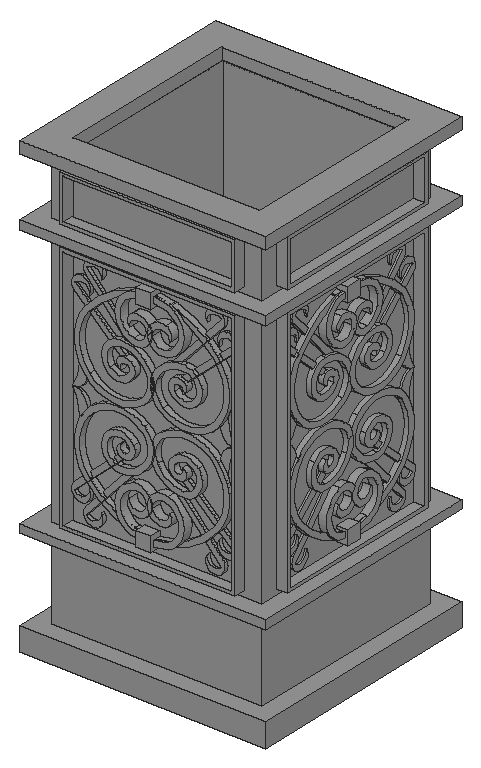
Revit family "Урна чугунная «Черниговская» Арт 15202", category Антураж, Revit 2018 (continued)
Forms (mm)
  Extrusion 57, solid, material "Чугун" <- "Цвет урны"
    sketch origin (-1492.5, 0, -13.415) x (1, 0, 0) y (0, 0, -1)
      loop
        arc (1562.76, -577.01) -> (1576.293, -602.753) -> (1589.827, -577.01) r 16.429
        arc (1589.827, -577.01) -> (1581.787, -592.675) -> (1564.787, -588.086) r 13.999
        line (1564.787, -588.086) -> (1653.039, -508.336)
        arc (1653.039, -508.336) -> (1647.889, -506.992) -> (1643.392, -504.145) r 17.272
      loop
        arc (1571.422, -488.126) -> (1577.716, -472.065) -> (1587.183, -457.646) r 83.291
        arc (1587.183, -457.646) -> (1580.776, -438.886) -> (1562.432, -431.369) r 23.966
        arc (1562.432, -431.369) -> (1572.823, -458.813) -> (1571.422, -488.126) r 72.128
    from 25 to 30
  Extrusion 58, solid, material "Чугун" <- "Цвет урны"
    sketch origin (1907.5, 0, 848.415) x (-1, 0, 0) y (0, 0, 1)
      loop
        line (1720, -627.5) -> (1720, -602.5) -> (1695, -602.5) -> (1695, -627.5) -> (1720, -627.5)
    from 10 to 30
  Extrusion 59, solid, material "Чугун" <- "Цвет урны"
    sketch origin (1907.5, 0, 848.415) x (-1, 0, 0) y (0, 0, 1)
      loop
        arc (1668.157, -615.48) -> (1681.735, -618.514) -> (1695.528, -620.34) r 157.644
        line (1695.528, -620.34) -> (1695.528, -610.723)
        arc (1695.528, -610.723) -> (1683.242, -609.054) -> (1671.139, -606.364) r 148.066
        arc (1671.139, -606.364) -> (1650.677, -575.503) -> (1672.515, -545.6) r 32.405
        arc (1672.515, -545.6) -> (1687.569, -547.847) -> (1694.358, -561.47) r 16.477
        arc (1694.358, -561.47) -> (1679.871, -575.319) -> (1666.161, -560.701) r 14.105
        arc (1666.161, -560.701) -> (1663.338, -573.836) -> (1672.552, -583.614) r 14.444
        arc (1672.552, -583.614) -> (1693.839, -580.619) -> (1703.934, -561.64) r 23.682
        arc (1703.934, -561.64) -> (1693.198, -540.099) -> (1669.394, -536.545) r 26.054
        arc (1669.394, -536.545) -> (1641.097, -575.579) -> (1668.157, -615.48) r 41.983
    from 15 to 30
  Extrusion 60, solid, material "Чугун" <- "Цвет урны"
    sketch origin (1907.5, 0, 848.415) x (-1, 0, 0) y (0, 0, 1)
      loop
        arc (1695.528, -610.723) -> (1639.663, -593.969) -> (1594.601, -556.941) r 148.066
        arc (1594.601, -556.941) -> (1577.987, -510.322) -> (1594.601, -463.703) r 73.713
        arc (1594.601, -463.703) -> (1636.069, -441.403) -> (1681.159, -454.957) r 61.517
        arc (1681.159, -454.957) -> (1692.587, -473.329) -> (1690.369, -494.851) r 33.424
        arc (1690.369, -494.851) -> (1672.16, -515.201) -> (1645.673, -521.841) r 46.56
        arc (1645.673, -521.841) -> (1626.146, -508.427) -> (1629.243, -484.939) r 22.663
        arc (1629.243, -484.939) -> (1645.889, -477.705) -> (1661.365, -487.185) r 19.66
        arc (1661.365, -487.185) -> (1654.778, -498.846) -> (1648.171, -487.197) r 7.695
        arc (1648.171, -487.197) -> (1640.934, -495.828) -> (1645.87, -505.953) r 10.345
        arc (1645.87, -505.953) -> (1666.985, -503.364) -> (1669.573, -482.25) r 17.272
        arc (1669.573, -482.25) -> (1646.557, -468.151) -> (1621.802, -478.909) r 29.238
        arc (1621.802, -478.909) -> (1617.397, -512.322) -> (1645.175, -531.406) r 32.241
        arc (1645.175, -531.406) -> (1677.111, -523.4) -> (1699.065, -498.864) r 56.138
        arc (1699.065, -498.864) -> (1701.919, -471.174) -> (1687.216, -447.538) r 43.001
        arc (1687.216, -447.538) -> (1635.106, -431.874) -> (1587.183, -457.646) r 71.094
        arc (1587.183, -457.646) -> (1568.41, -510.322) -> (1587.183, -562.998) r 83.291
        arc (1587.183, -562.998) -> (1635.554, -602.631) -> (1695.528, -620.34) r 157.644
        line (1695.528, -620.34) -> (1695.528, -610.723)
    from 20 to 30
  Extrusion 61, solid, material "Чугун" <- "Цвет урны"
    sketch origin (1907.5, 0, 848.415) x (-1, 0, 0) y (0, 0, 1)
      loop
        line (1651.742, -531.363) -> (1583.456, -607.202)
        arc (1583.456, -607.202) -> (1596.99, -632.945) -> (1610.523, -607.202) r 16.429
        arc (1610.523, -607.202) -> (1602.473, -622.34) -> (1585.638, -619.092) r 14.426
        line (1585.638, -619.092) -> (1667.709, -527.943)
        arc (1667.709, -527.943) -> (1659.85, -530.236) -> (1651.742, -531.363) r 56.138
      loop
        line (1643.392, -504.145) -> (1562.76, -577.01)
        arc (1562.76, -577.01) -> (1576.293, -602.753) -> (1589.827, -577.01) r 16.429
        arc (1589.827, -577.01) -> (1581.787, -592.675) -> (1564.787, -588.086) r 13.999
        line (1564.787, -588.086) -> (1653.039, -508.336)
        arc (1653.039, -508.336) -> (1647.889, -506.992) -> (1643.392, -504.145) r 17.272
      loop
        arc (1571.422, -488.126) -> (1577.716, -472.065) -> (1587.183, -457.646) r 83.291
        arc (1587.183, -457.646) -> (1580.776, -438.886) -> (1562.432, -431.369) r 23.966
        arc (1562.432, -431.369) -> (1572.823, -458.813) -> (1571.422, -488.126) r 72.128
    from 25 to 30
  Extrusion 62, solid, material "Чугун" <- "Цвет урны"
    sketch origin (-1492.5, 0, 848.415) x (1, 0, 0) y (0, 0, -1)
      loop
        arc (1668.157, 615.48) -> (1641.097, 575.579) -> (1669.394, 536.545) r 41.983
        arc (1669.394, 536.545) -> (1693.198, 540.099) -> (1703.934, 561.64) r 26.054
        arc (1703.934, 561.64) -> (1693.839, 580.619) -> (1672.552, 583.614) r 23.682
        arc (1672.552, 583.614) -> (1663.338, 573.836) -> (1666.161, 560.701) r 14.444
        arc (1666.161, 560.701) -> (1679.871, 575.319) -> (1694.358, 561.47) r 14.105
        arc (1694.358, 561.47) -> (1687.569, 547.847) -> (1672.515, 545.6) r 16.477
        arc (1672.515, 545.6) -> (1650.677, 575.503) -> (1671.139, 606.364) r 32.405
        arc (1671.139, 606.364) -> (1683.242, 609.054) -> (1695.528, 610.723) r 148.066
        line (1695.528, 610.723) -> (1695.528, 620.34)
        arc (1695.528, 620.34) -> (1681.735, 618.514) -> (1668.157, 615.48) r 157.644
    from 15 to 30
  Extrusion 63, solid, material "Чугун" <- "Цвет урны"
    sketch origin (-1492.5, 0, 848.415) x (1, 0, 0) y (0, 0, -1)
      loop
        line (1695.528, 610.723) -> (1695.528, 620.34)
        arc (1695.528, 620.34) -> (1635.554, 602.631) -> (1587.183, 562.998) r 157.644
        arc (1587.183, 562.998) -> (1568.41, 510.322) -> (1587.183, 457.646) r 83.291
        arc (1587.183, 457.646) -> (1635.106, 431.874) -> (1687.216, 447.538) r 71.094
        arc (1687.216, 447.538) -> (1701.919, 471.174) -> (1699.065, 498.864) r 43.001
        arc (1699.065, 498.864) -> (1677.111, 523.4) -> (1645.175, 531.406) r 56.138
        arc (1645.175, 531.406) -> (1617.397, 512.322) -> (1621.802, 478.909) r 32.241
        arc (1621.802, 478.909) -> (1646.557, 468.151) -> (1669.573, 482.25) r 29.238
        arc (1669.573, 482.25) -> (1666.985, 503.364) -> (1645.87, 505.953) r 17.272
        arc (1645.87, 505.953) -> (1640.934, 495.828) -> (1648.171, 487.197) r 10.345
        arc (1648.171, 487.197) -> (1654.778, 498.846) -> (1661.365, 487.185) r 7.695
        arc (1661.365, 487.185) -> (1645.889, 477.705) -> (1629.243, 484.939) r 19.66
        arc (1629.243, 484.939) -> (1626.146, 508.427) -> (1645.673, 521.841) r 22.663
        arc (1645.673, 521.841) -> (1672.16, 515.201) -> (1690.369, 494.851) r 46.56
        arc (1690.369, 494.851) -> (1692.587, 473.329) -> (1681.159, 454.957) r 33.424
        arc (1681.159, 454.957) -> (1636.069, 441.403) -> (1594.601, 463.703) r 61.517
        arc (1594.601, 463.703) -> (1577.987, 510.322) -> (1594.601, 556.941) r 73.713
        arc (1594.601, 556.941) -> (1639.663, 593.969) -> (1695.528, 610.723) r 148.066
    from 20 to 30
  Extrusion 64, solid, material "Чугун" <- "Цвет урны"
    sketch origin (-1492.5, 0, 848.415) x (1, 0, 0) y (0, 0, -1)
      loop
        arc (1651.742, 531.363) -> (1659.85, 530.236) -> (1667.709, 527.943) r 56.138
        line (1667.709, 527.943) -> (1585.638, 619.092)
        arc (1585.638, 619.092) -> (1602.473, 622.34) -> (1610.523, 607.202) r 14.426
        arc (1610.523, 607.202) -> (1596.99, 632.945) -> (1583.456, 607.202) r 16.429
        line (1583.456, 607.202) -> (1651.742, 531.363)
      loop
        arc (1643.392, 504.145) -> (1647.889, 506.992) -> (1653.039, 508.336) r 17.272
        line (1653.039, 508.336) -> (1564.787, 588.086)
        arc (1564.787, 588.086) -> (1581.787, 592.675) -> (1589.827, 577.01) r 13.999
        arc (1589.827, 577.01) -> (1576.293, 602.753) -> (1562.76, 577.01) r 16.429
        line (1562.76, 577.01) -> (1643.392, 504.145)
      loop
        arc (1571.422, 488.126) -> (1572.823, 458.813) -> (1562.432, 431.369) r 72.128
        arc (1562.432, 431.369) -> (1580.776, 438.886) -> (1587.183, 457.646) r 23.966
        arc (1587.183, 457.646) -> (1577.716, 472.065) -> (1571.422, 488.126) r 83.291
    from 25 to 30
  Extrusion 65, solid, material "Чугун" <- "Цвет урны"
    sketch origin (0, 415, 0) x (1, 0, 0) y (0, 0, 1)
      loop
        line (355, 745) -> (60, 745) -> (60, 665) -> (355, 665) -> (355, 745)
      loop
        line (355, 630) -> (60, 630) -> (60, 205) -> (355, 205) -> (355, 630)
      loop
        line (350, 740) -> (65, 740) -> (65, 670) -> (350, 670) -> (350, 740)
      loop
        line (350, 625) -> (65, 625) -> (65, 210) -> (350, 210) -> (350, 625)
    from 10 to 30
  Extrusion 66, solid, material "Чугун" <- "Цвет урны"
    sketch origin (-1492.5, 415, -13.415) x (1, 0, 0) y (0, 0, 1)
      loop
        line (1720, 627.5) -> (1695, 627.5) -> (1695, 602.5) -> (1720, 602.5) -> (1720, 627.5)
    from 10 to 30
  Extrusion 67, solid, material "Чугун" <- "Цвет урны"
    sketch origin (-1492.5, 415, -13.415) x (1, 0, 0) y (0, 0, 1)
      loop
        arc (1668.157, 615.48) -> (1641.097, 575.579) -> (1669.394, 536.545) r 41.983
        arc (1669.394, 536.545) -> (1693.198, 540.099) -> (1703.934, 561.64) r 26.054
        arc (1703.934, 561.64) -> (1693.839, 580.619) -> (1672.552, 583.614) r 23.682
        arc (1672.552, 583.614) -> (1663.338, 573.836) -> (1666.161, 560.701) r 14.444
        arc (1666.161, 560.701) -> (1679.871, 575.319) -> (1694.358, 561.47) r 14.105
        arc (1694.358, 561.47) -> (1687.569, 547.847) -> (1672.515, 545.6) r 16.477
        arc (1672.515, 545.6) -> (1650.677, 575.503) -> (1671.139, 606.364) r 32.405
        arc (1671.139, 606.364) -> (1683.242, 609.054) -> (1695.528, 610.723) r 148.066
        line (1695.528, 610.723) -> (1695.528, 620.34)
        arc (1695.528, 620.34) -> (1681.735, 618.514) -> (1668.157, 615.48) r 157.644
    from 15 to 30
  Extrusion 68, solid, material "Чугун" <- "Цвет урны"
    sketch origin (-1492.5, 415, -13.415) x (1, 0, 0) y (0, 0, 1)
      loop
        line (1695.528, 610.723) -> (1695.528, 620.34)
        arc (1695.528, 620.34) -> (1635.554, 602.631) -> (1587.183, 562.998) r 157.644
        arc (1587.183, 562.998) -> (1568.41, 510.322) -> (1587.183, 457.646) r 83.291
        arc (1587.183, 457.646) -> (1635.106, 431.874) -> (1687.216, 447.538) r 71.094
        arc (1687.216, 447.538) -> (1701.919, 471.174) -> (1699.065, 498.864) r 43.001
        arc (1699.065, 498.864) -> (1677.111, 523.4) -> (1645.175, 531.406) r 56.138
        arc (1645.175, 531.406) -> (1617.397, 512.322) -> (1621.802, 478.909) r 32.241
        arc (1621.802, 478.909) -> (1646.557, 468.151) -> (1669.573, 482.25) r 29.238
        arc (1669.573, 482.25) -> (1666.985, 503.364) -> (1645.87, 505.953) r 17.272
        arc (1645.87, 505.953) -> (1640.934, 495.828) -> (1648.171, 487.197) r 10.345
        arc (1648.171, 487.197) -> (1654.778, 498.846) -> (1661.365, 487.185) r 7.695
        arc (1661.365, 487.185) -> (1645.889, 477.705) -> (1629.243, 484.939) r 19.66
        arc (1629.243, 484.939) -> (1626.146, 508.427) -> (1645.673, 521.841) r 22.663
        arc (1645.673, 521.841) -> (1672.16, 515.201) -> (1690.369, 494.851) r 46.56
        arc (1690.369, 494.851) -> (1692.587, 473.329) -> (1681.159, 454.957) r 33.424
        arc (1681.159, 454.957) -> (1636.069, 441.403) -> (1594.601, 463.703) r 61.517
        arc (1594.601, 463.703) -> (1577.987, 510.322) -> (1594.601, 556.941) r 73.713
        arc (1594.601, 556.941) -> (1639.663, 593.969) -> (1695.528, 610.723) r 148.066
    from 20 to 30
  Extrusion 69, solid, material "Чугун" <- "Цвет урны"
    sketch origin (-1492.5, 415, -13.415) x (1, 0, 0) y (0, 0, 1)
      loop
        arc (1651.742, 531.363) -> (1659.85, 530.236) -> (1667.709, 527.943) r 56.138
        line (1667.709, 527.943) -> (1585.638, 619.092)
        arc (1585.638, 619.092) -> (1602.473, 622.34) -> (1610.523, 607.202) r 14.426
        arc (1610.523, 607.202) -> (1596.99, 632.945) -> (1583.456, 607.202) r 16.429
        line (1583.456, 607.202) -> (1651.742, 531.363)
      loop
        arc (1643.392, 504.145) -> (1647.889, 506.992) -> (1653.039, 508.336) r 17.272
        line (1653.039, 508.336) -> (1564.787, 588.086)
        arc (1564.787, 588.086) -> (1581.787, 592.675) -> (1589.827, 577.01) r 13.999
        arc (1589.827, 577.01) -> (1576.293, 602.753) -> (1562.76, 577.01) r 16.429
        line (1562.76, 577.01) -> (1643.392, 504.145)
      loop
        arc (1571.422, 488.126) -> (1572.823, 458.813) -> (1562.432, 431.369) r 72.128
        arc (1562.432, 431.369) -> (1580.776, 438.886) -> (1587.183, 457.646) r 23.966
        arc (1587.183, 457.646) -> (1577.716, 472.065) -> (1571.422, 488.126) r 83.291
    from 25 to 30
  Extrusion 70, solid, material "Чугун" <- "Цвет урны"
    sketch origin (1907.5, 415, -13.415) x (-1, 0, 0) y (0, 0, -1)
      loop
        arc (1668.157, -615.48) -> (1681.735, -618.514) -> (1695.528, -620.34) r 157.644
        line (1695.528, -620.34) -> (1695.528, -610.723)
        arc (1695.528, -610.723) -> (1683.242, -609.054) -> (1671.139, -606.364) r 148.066
        arc (1671.139, -606.364) -> (1650.677, -575.503) -> (1672.515, -545.6) r 32.405
        arc (1672.515, -545.6) -> (1687.569, -547.847) -> (1694.358, -561.47) r 16.477
        arc (1694.358, -561.47) -> (1679.871, -575.319) -> (1666.161, -560.701) r 14.105
        arc (1666.161, -560.701) -> (1663.338, -573.836) -> (1672.552, -583.614) r 14.444
        arc (1672.552, -583.614) -> (1693.839, -580.619) -> (1703.934, -561.64) r 23.682
        arc (1703.934, -561.64) -> (1693.198, -540.099) -> (1669.394, -536.545) r 26.054
        arc (1669.394, -536.545) -> (1641.097, -575.579) -> (1668.157, -615.48) r 41.983
    from 15 to 30
  Extrusion 71, solid, material "Чугун" <- "Цвет урны"
    sketch origin (1907.5, 415, -13.415) x (-1, 0, 0) y (0, 0, -1)
      loop
        arc (1695.528, -610.723) -> (1639.663, -593.969) -> (1594.601, -556.941) r 148.066
        arc (1594.601, -556.941) -> (1577.987, -510.322) -> (1594.601, -463.703) r 73.713
        arc (1594.601, -463.703) -> (1636.069, -441.403) -> (1681.159, -454.957) r 61.517
        arc (1681.159, -454.957) -> (1692.587, -473.329) -> (1690.369, -494.851) r 33.424
        arc (1690.369, -494.851) -> (1672.16, -515.201) -> (1645.673, -521.841) r 46.56
        arc (1645.673, -521.841) -> (1626.146, -508.427) -> (1629.243, -484.939) r 22.663
        arc (1629.243, -484.939) -> (1645.889, -477.705) -> (1661.365, -487.185) r 19.66
        arc (1661.365, -487.185) -> (1654.778, -498.846) -> (1648.171, -487.197) r 7.695
        arc (1648.171, -487.197) -> (1640.934, -495.828) -> (1645.87, -505.953) r 10.345
        arc (1645.87, -505.953) -> (1666.985, -503.364) -> (1669.573, -482.25) r 17.272
        arc (1669.573, -482.25) -> (1646.557, -468.151) -> (1621.802, -478.909) r 29.238
        arc (1621.802, -478.909) -> (1617.397, -512.322) -> (1645.175, -531.406) r 32.241
        arc (1645.175, -531.406) -> (1677.111, -523.4) -> (1699.065, -498.864) r 56.138
        arc (1699.065, -498.864) -> (1701.919, -471.174) -> (1687.216, -447.538) r 43.001
        arc (1687.216, -447.538) -> (1635.106, -431.874) -> (1587.183, -457.646) r 71.094
        arc (1587.183, -457.646) -> (1568.41, -510.322) -> (1587.183, -562.998) r 83.291
        arc (1587.183, -562.998) -> (1635.554, -602.631) -> (1695.528, -620.34) r 157.644
        line (1695.528, -620.34) -> (1695.528, -610.723)
    from 20 to 30
  Extrusion 72, solid, material "Чугун" <- "Цвет урны"
    sketch origin (1907.5, 415, -13.415) x (-1, 0, 0) y (0, 0, -1)
      loop
        line (1651.742, -531.363) -> (1583.456, -607.202)
        arc (1583.456, -607.202) -> (1596.99, -632.945) -> (1610.523, -607.202) r 16.429
        arc (1610.523, -607.202) -> (1602.473, -622.34) -> (1585.638, -619.092) r 14.426
        line (1585.638, -619.092) -> (1667.709, -527.943)
        arc (1667.709, -527.943) -> (1659.85, -530.236) -> (1651.742, -531.363) r 56.138
      loop
        line (1643.392, -504.145) -> (1562.76, -577.01)
        arc (1562.76, -577.01) -> (1576.293, -602.753) -> (1589.827, -577.01) r 16.429
        arc (1589.827, -577.01) -> (1581.787, -592.675) -> (1564.787, -588.086) r 13.999
        line (1564.787, -588.086) -> (1653.039, -508.336)
        arc (1653.039, -508.336) -> (1647.889, -506.992) -> (1643.392, -504.145) r 17.272
      loop
        arc (1571.422, -488.126) -> (1577.716, -472.065) -> (1587.183, -457.646) r 83.291
        arc (1587.183, -457.646) -> (1580.776, -438.886) -> (1562.432, -431.369) r 23.966
        arc (1562.432, -431.369) -> (1572.823, -458.813) -> (1571.422, -488.126) r 72.128
    from 25 to 30
  Extrusion 73, solid, material "Чугун" <- "Цвет урны"
    sketch origin (-1492.5, 415, 848.415) x (1, 0, 0) y (0, 0, 1)
      loop
        line (1720, -627.5) -> (1720, -602.5) -> (1695, -602.5) -> (1695, -627.5) -> (1720, -627.5)
    from 10 to 30
  Extrusion 74, solid, material "Чугун" <- "Цвет урны"
    sketch origin (-1492.5, 415, 848.415) x (1, 0, 0) y (0, 0, 1)
      loop
        arc (1668.157, -615.48) -> (1681.735, -618.514) -> (1695.528, -620.34) r 157.644
        line (1695.528, -620.34) -> (1695.528, -610.723)
        arc (1695.528, -610.723) -> (1683.242, -609.054) -> (1671.139, -606.364) r 148.066
        arc (1671.139, -606.364) -> (1650.677, -575.503) -> (1672.515, -545.6) r 32.405
        arc (1672.515, -545.6) -> (1687.569, -547.847) -> (1694.358, -561.47) r 16.477
        arc (1694.358, -561.47) -> (1679.871, -575.319) -> (1666.161, -560.701) r 14.105
        arc (1666.161, -560.701) -> (1663.338, -573.836) -> (1672.552, -583.614) r 14.444
        arc (1672.552, -583.614) -> (1693.839, -580.619) -> (1703.934, -561.64) r 23.682
        arc (1703.934, -561.64) -> (1693.198, -540.099) -> (1669.394, -536.545) r 26.054
        arc (1669.394, -536.545) -> (1641.097, -575.579) -> (1668.157, -615.48) r 41.983
    from 15 to 30
  Extrusion 75, solid, material "Чугун" <- "Цвет урны"
    sketch origin (-1492.5, 415, 848.415) x (1, 0, 0) y (0, 0, 1)
      loop
        arc (1695.528, -610.723) -> (1639.663, -593.969) -> (1594.601, -556.941) r 148.066
        arc (1594.601, -556.941) -> (1577.987, -510.322) -> (1594.601, -463.703) r 73.713
        arc (1594.601, -463.703) -> (1636.069, -441.403) -> (1681.159, -454.957) r 61.517
        arc (1681.159, -454.957) -> (1692.587, -473.329) -> (1690.369, -494.851) r 33.424
        arc (1690.369, -494.851) -> (1672.16, -515.201) -> (1645.673, -521.841) r 46.56
        arc (1645.673, -521.841) -> (1626.146, -508.427) -> (1629.243, -484.939) r 22.663
        arc (1629.243, -484.939) -> (1645.889, -477.705) -> (1661.365, -487.185) r 19.66
        arc (1661.365, -487.185) -> (1654.778, -498.846) -> (1648.171, -487.197) r 7.695
        arc (1648.171, -487.197) -> (1640.934, -495.828) -> (1645.87, -505.953) r 10.345
        arc (1645.87, -505.953) -> (1666.985, -503.364) -> (1669.573, -482.25) r 17.272
        arc (1669.573, -482.25) -> (1646.557, -468.151) -> (1621.802, -478.909) r 29.238
        arc (1621.802, -478.909) -> (1617.397, -512.322) -> (1645.175, -531.406) r 32.241
        arc (1645.175, -531.406) -> (1677.111, -523.4) -> (1699.065, -498.864) r 56.138
        arc (1699.065, -498.864) -> (1701.919, -471.174) -> (1687.216, -447.538) r 43.001
        arc (1687.216, -447.538) -> (1635.106, -431.874) -> (1587.183, -457.646) r 71.094
        arc (1587.183, -457.646) -> (1568.41, -510.322) -> (1587.183, -562.998) r 83.291
        arc (1587.183, -562.998) -> (1635.554, -602.631) -> (1695.528, -620.34) r 157.644
        line (1695.528, -620.34) -> (1695.528, -610.723)
    from 20 to 30
  Extrusion 76, solid, material "Чугун" <- "Цвет урны"
    sketch origin (-1492.5, 415, 848.415) x (1, 0, 0) y (0, 0, 1)
      loop
        line (1651.742, -531.363) -> (1583.456, -607.202)
        arc (1583.456, -607.202) -> (1596.99, -632.945) -> (1610.523, -607.202) r 16.429
        arc (1610.523, -607.202) -> (1602.473, -622.34) -> (1585.638, -619.092) r 14.426
        line (1585.638, -619.092) -> (1667.709, -527.943)
        arc (1667.709, -527.943) -> (1659.85, -530.236) -> (1651.742, -531.363) r 56.138
      loop
        line (1643.392, -504.145) -> (1562.76, -577.01)
        arc (1562.76, -577.01) -> (1576.293, -602.753) -> (1589.827, -577.01) r 16.429
        arc (1589.827, -577.01) -> (1581.787, -592.675) -> (1564.787, -588.086) r 13.999
        line (1564.787, -588.086) -> (1653.039, -508.336)
        arc (1653.039, -508.336) -> (1647.889, -506.992) -> (1643.392, -504.145) r 17.272
      loop
        arc (1571.422, -488.126) -> (1577.716, -472.065) -> (1587.183, -457.646) r 83.291
        arc (1587.183, -457.646) -> (1580.776, -438.886) -> (1562.432, -431.369) r 23.966
        arc (1562.432, -431.369) -> (1572.823, -458.813) -> (1571.422, -488.126) r 72.128
    from 25 to 30
  Extrusion 77, solid, material "Чугун" <- "Цвет урны"
    sketch origin (1907.5, 415, 848.415) x (-1, 0, 0) y (0, 0, -1)
      loop
        arc (1668.157, 615.48) -> (1641.097, 575.579) -> (1669.394, 536.545) r 41.983
        arc (1669.394, 536.545) -> (1693.198, 540.099) -> (1703.934, 561.64) r 26.054
        arc (1703.934, 561.64) -> (1693.839, 580.619) -> (1672.552, 583.614) r 23.682
        arc (1672.552, 583.614) -> (1663.338, 573.836) -> (1666.161, 560.701) r 14.444
        arc (1666.161, 560.701) -> (1679.871, 575.319) -> (1694.358, 561.47) r 14.105
        arc (1694.358, 561.47) -> (1687.569, 547.847) -> (1672.515, 545.6) r 16.477
        arc (1672.515, 545.6) -> (1650.677, 575.503) -> (1671.139, 606.364) r 32.405
        arc (1671.139, 606.364) -> (1683.242, 609.054) -> (1695.528, 610.723) r 148.066
        line (1695.528, 610.723) -> (1695.528, 620.34)
        arc (1695.528, 620.34) -> (1681.735, 618.514) -> (1668.157, 615.48) r 157.644
    from 15 to 30
  Extrusion 78, solid, material "Чугун" <- "Цвет урны"
    sketch origin (1907.5, 415, 848.415) x (-1, 0, 0) y (0, 0, -1)
      loop
        line (1695.528, 610.723) -> (1695.528, 620.34)
        arc (1695.528, 620.34) -> (1635.554, 602.631) -> (1587.183, 562.998) r 157.644
        arc (1587.183, 562.998) -> (1568.41, 510.322) -> (1587.183, 457.646) r 83.291
        arc (1587.183, 457.646) -> (1635.106, 431.874) -> (1687.216, 447.538) r 71.094
        arc (1687.216, 447.538) -> (1701.919, 471.174) -> (1699.065, 498.864) r 43.001
        arc (1699.065, 498.864) -> (1677.111, 523.4) -> (1645.175, 531.406) r 56.138
        arc (1645.175, 531.406) -> (1617.397, 512.322) -> (1621.802, 478.909) r 32.241
        arc (1621.802, 478.909) -> (1646.557, 468.151) -> (1669.573, 482.25) r 29.238
        arc (1669.573, 482.25) -> (1666.985, 503.364) -> (1645.87, 505.953) r 17.272
        arc (1645.87, 505.953) -> (1640.934, 495.828) -> (1648.171, 487.197) r 10.345
        arc (1648.171, 487.197) -> (1654.778, 498.846) -> (1661.365, 487.185) r 7.695
        arc (1661.365, 487.185) -> (1645.889, 477.705) -> (1629.243, 484.939) r 19.66
        arc (1629.243, 484.939) -> (1626.146, 508.427) -> (1645.673, 521.841) r 22.663
        arc (1645.673, 521.841) -> (1672.16, 515.201) -> (1690.369, 494.851) r 46.56
        arc (1690.369, 494.851) -> (1692.587, 473.329) -> (1681.159, 454.957) r 33.424
        arc (1681.159, 454.957) -> (1636.069, 441.403) -> (1594.601, 463.703) r 61.517
        arc (1594.601, 463.703) -> (1577.987, 510.322) -> (1594.601, 556.941) r 73.713
        arc (1594.601, 556.941) -> (1639.663, 593.969) -> (1695.528, 610.723) r 148.066
    from 20 to 30
  Extrusion 79, solid, material "Чугун" <- "Цвет урны"
    sketch origin (1907.5, 415, 848.415) x (-1, 0, 0) y (0, 0, -1)
      loop
        arc (1651.742, 531.363) -> (1659.85, 530.236) -> (1667.709, 527.943) r 56.138
        line (1667.709, 527.943) -> (1585.638, 619.092)
        arc (1585.638, 619.092) -> (1602.473, 622.34) -> (1610.523, 607.202) r 14.426
        arc (1610.523, 607.202) -> (1596.99, 632.945) -> (1583.456, 607.202) r 16.429
        line (1583.456, 607.202) -> (1651.742, 531.363)
      loop
        arc (1643.392, 504.145) -> (1647.889, 506.992) -> (1653.039, 508.336) r 17.272
        line (1653.039, 508.336) -> (1564.787, 588.086)
        arc (1564.787, 588.086) -> (1581.787, 592.675) -> (1589.827, 577.01) r 13.999
        arc (1589.827, 577.01) -> (1576.293, 602.753) -> (1562.76, 577.01) r 16.429
        line (1562.76, 577.01) -> (1643.392, 504.145)
      loop
        arc (1571.422, 488.126) -> (1572.823, 458.813) -> (1562.432, 431.369) r 72.128
        arc (1562.432, 431.369) -> (1580.776, 438.886) -> (1587.183, 457.646) r 23.966
        arc (1587.183, 457.646) -> (1577.716, 472.065) -> (1571.422, 488.126) r 83.291
    from 25 to 30
  Extrusion 80, solid, material "Оцинкованная сталь"
    sketch origin (0, 0, 0) x (1, 0, 0) y (0, 1, 0)
      loop
        line (50, 365) -> (50, 50) -> (365, 50) -> (365, 365) -> (50, 365)
    from 0 to 755
  Extrusion 81, void
    sketch origin (0, 0, 0) x (1, 0, 0) y (0, 1, 0)
      loop
        line (52, 363) -> (52, 52) -> (363, 52) -> (363, 363) -> (52, 363)
    from 4.252 to 775
Cuts and joins
  Extrusion 81 cuts Extrusion 80
Dimensions and locks
  "Длина": plane 3 "По центру (Влево/Вправо)" to plane 4
  "Ширина": plane 5 to plane 1 "По центру (Вперед/Назад)"
  "Высота": plane 6 to plane 2
  aligned and locked: level to plane 2
Automatic sketch dimensions
  Extrusion 2 sketch curve to Extrusion 2 sketch curve = 25 mm  (x2)
  Extrusion 3 sketch curve to Extrusion 3 sketch curve = 0 mm  (x19)
  Extrusion 3 sketch curve to Extrusion 3 sketch curve = 0.661 mm
  Extrusion 3 sketch curve to Extrusion 3 sketch curve = 2.476 mm
  Extrusion 3 sketch curve to Extrusion 3 sketch curve = 6.081 mm
  Extrusion 3 sketch curve to Extrusion 3 sketch curve = 13.003 mm
  Extrusion 3 sketch curve to Extrusion 3 sketch curve = 30.321 mm
  Extrusion 3 sketch curve to Extrusion 3 sketch curve = 9.121 mm
  Extrusion 3 sketch curve to Extrusion 3 sketch curve = 0.044 mm
  Extrusion 3 sketch curve to Extrusion 3 sketch curve = 102.241 mm
  Extrusion 3 sketch curve to Extrusion 3 sketch curve = 6.559 mm
  Extrusion 3 sketch curve to Extrusion 3 sketch curve = 36.008 mm
  Extrusion 3 sketch curve to Extrusion 3 sketch curve = 10.041 mm
  Extrusion 3 sketch curve to Extrusion 3 sketch curve = 10.986 mm
  Extrusion 3 sketch curve to Extrusion 3 sketch curve = 5.606 mm
  Extrusion 3 sketch curve to Extrusion 3 sketch curve = 3.259 mm
  Extrusion 3 sketch curve to Extrusion 3 sketch curve = 12.241 mm
  Extrusion 4 sketch curve to Extrusion 4 sketch curve = 0 mm  (x42)
  Extrusion 4 sketch curve to Extrusion 4 sketch curve = 2.364 mm
  Extrusion 4 sketch curve to Extrusion 4 sketch curve = 2.436 mm
  Extrusion 4 sketch curve to Extrusion 4 sketch curve = 3.733 mm
  Extrusion 4 sketch curve to Extrusion 4 sketch curve = 4.543 mm
  Extrusion 4 sketch curve to Extrusion 4 sketch curve = 5.064 mm
  Extrusion 4 sketch curve to Extrusion 4 sketch curve = 3.728 mm
  Extrusion 4 sketch curve to Extrusion 4 sketch curve = 5.48 mm
  Extrusion 4 sketch curve to Extrusion 4 sketch curve = 45.761 mm
  Extrusion 4 sketch curve to Extrusion 4 sketch curve = 51.449 mm
  Extrusion 4 sketch curve to Extrusion 4 sketch curve = 3.55 mm
  Extrusion 4 sketch curve to Extrusion 4 sketch curve = 1.974 mm
  Extrusion 4 sketch curve to Extrusion 4 sketch curve = 2.214 mm
  Extrusion 4 sketch curve to Extrusion 4 sketch curve = 6.199 mm
  Extrusion 4 sketch curve to Extrusion 4 sketch curve = 10.758 mm
  Extrusion 4 sketch curve to Extrusion 4 sketch curve = 5.747 mm
  Extrusion 4 sketch curve to Extrusion 4 sketch curve = 18.323 mm
  Extrusion 4 sketch curve to Extrusion 4 sketch curve = 11.604 mm
  Extrusion 4 sketch curve to Extrusion 4 sketch curve = 104.831 mm
  Extrusion 4 sketch curve to Extrusion 4 sketch curve = 10.041 mm
  Extrusion 4 sketch curve to Extrusion 4 sketch curve = 15.948 mm
  Extrusion 4 sketch curve to Extrusion 4 sketch curve = 7.769 mm
  Extrusion 4 sketch curve to Extrusion 4 sketch curve = 7.746 mm
  Extrusion 4 sketch curve to Extrusion 4 sketch curve = 3.777 mm
  Extrusion 4 sketch curve to Extrusion 4 sketch curve = 6.892 mm
  Extrusion 5 sketch curve to Extrusion 5 sketch curve = 2.117 mm
  Extrusion 5 sketch curve to Extrusion 5 sketch curve = 13.953 mm
  Extrusion 5 sketch curve to Extrusion 5 sketch curve = 0.178 mm
  Extrusion 5 sketch curve to Extrusion 5 sketch curve = 7.479 mm
  Extrusion 5 sketch curve to Extrusion 5 sketch curve = 2.278 mm
  Extrusion 5 sketch curve to Extrusion 5 sketch curve = 13.363 mm
  Extrusion 5 sketch curve to Extrusion 5 sketch curve = 0.768 mm
  Extrusion 5 sketch curve to Extrusion 5 sketch curve = 70.237 mm
  Extrusion 5 sketch curve to Extrusion 5 sketch curve = 4.907 mm
  Extrusion 5 sketch curve to Extrusion 5 sketch curve = 8.718 mm
  Extrusion 5 sketch curve to Extrusion 5 sketch curve = 10.072 mm
  Extrusion 5 sketch curve to Extrusion 5 sketch curve = 6.974 mm
  Extrusion 5 sketch curve to Extrusion 5 sketch curve = 16.672 mm
  Extrusion 5 sketch curve to Extrusion 5 sketch curve = 2.989 mm
  Extrusion 5 sketch curve to Extrusion 5 sketch curve = 6.737 mm
  Extrusion 5 sketch curve to Extrusion 5 sketch curve = 2.216 mm
  Extrusion 5 sketch curve to Extrusion 5 sketch curve = 7.51 mm
  Extrusion 6 sketch curve to Extrusion 6 sketch curve = 64.471 mm
  Extrusion 6 sketch curve to Extrusion 6 sketch curve = 92.269 mm
  Extrusion 6 sketch curve to Extrusion 6 sketch curve = 15.431 mm
  Extrusion 6 sketch curve to Extrusion 6 sketch curve = 57.431 mm
  Extrusion 6 sketch curve to Extrusion 6 sketch curve = 0.937 mm
  Extrusion 6 sketch curve to Extrusion 6 sketch curve = 8.449 mm
  Extrusion 6 sketch curve to Extrusion 6 sketch curve = 24.905 mm
  Extrusion 7 sketch curve to Extrusion 7 sketch curve = 0 mm  (x19)
  Extrusion 7 sketch curve to Extrusion 7 sketch curve = 0.661 mm
  Extrusion 7 sketch curve to Extrusion 7 sketch curve = 2.476 mm
  Extrusion 7 sketch curve to Extrusion 7 sketch curve = 6.081 mm
  Extrusion 7 sketch curve to Extrusion 7 sketch curve = 13.003 mm
  Extrusion 7 sketch curve to Extrusion 7 sketch curve = 30.321 mm
  Extrusion 7 sketch curve to Extrusion 7 sketch curve = 9.121 mm
  Extrusion 7 sketch curve to Extrusion 7 sketch curve = 0.044 mm
  Extrusion 7 sketch curve to Extrusion 7 sketch curve = 102.241 mm
  Extrusion 7 sketch curve to Extrusion 7 sketch curve = 6.559 mm
  Extrusion 7 sketch curve to Extrusion 7 sketch curve = 36.008 mm
  Extrusion 7 sketch curve to Extrusion 7 sketch curve = 10.041 mm
  Extrusion 7 sketch curve to Extrusion 7 sketch curve = 10.986 mm
  Extrusion 7 sketch curve to Extrusion 7 sketch curve = 5.606 mm
  Extrusion 7 sketch curve to Extrusion 7 sketch curve = 3.259 mm
  Extrusion 7 sketch curve to Extrusion 7 sketch curve = 12.241 mm
  Extrusion 8 sketch curve to Extrusion 8 sketch curve = 0 mm  (x42)
  Extrusion 8 sketch curve to Extrusion 8 sketch curve = 2.364 mm
  Extrusion 8 sketch curve to Extrusion 8 sketch curve = 2.436 mm
  Extrusion 8 sketch curve to Extrusion 8 sketch curve = 3.733 mm
  Extrusion 8 sketch curve to Extrusion 8 sketch curve = 4.543 mm
  Extrusion 8 sketch curve to Extrusion 8 sketch curve = 5.064 mm
  Extrusion 8 sketch curve to Extrusion 8 sketch curve = 3.728 mm
  Extrusion 8 sketch curve to Extrusion 8 sketch curve = 5.48 mm
  Extrusion 8 sketch curve to Extrusion 8 sketch curve = 45.761 mm
  Extrusion 8 sketch curve to Extrusion 8 sketch curve = 51.449 mm
  Extrusion 8 sketch curve to Extrusion 8 sketch curve = 3.55 mm
  Extrusion 8 sketch curve to Extrusion 8 sketch curve = 1.974 mm
  Extrusion 8 sketch curve to Extrusion 8 sketch curve = 2.214 mm
  Extrusion 8 sketch curve to Extrusion 8 sketch curve = 6.199 mm
  Extrusion 8 sketch curve to Extrusion 8 sketch curve = 10.758 mm
  Extrusion 8 sketch curve to Extrusion 8 sketch curve = 5.747 mm
  Extrusion 8 sketch curve to Extrusion 8 sketch curve = 18.323 mm
  Extrusion 8 sketch curve to Extrusion 8 sketch curve = 11.604 mm
  Extrusion 8 sketch curve to Extrusion 8 sketch curve = 104.831 mm
  Extrusion 8 sketch curve to Extrusion 8 sketch curve = 10.041 mm
  Extrusion 8 sketch curve to Extrusion 8 sketch curve = 15.948 mm
  Extrusion 8 sketch curve to Extrusion 8 sketch curve = 7.769 mm
  Extrusion 8 sketch curve to Extrusion 8 sketch curve = 7.746 mm
  Extrusion 8 sketch curve to Extrusion 8 sketch curve = 3.777 mm
  Extrusion 8 sketch curve to Extrusion 8 sketch curve = 6.892 mm
  Extrusion 9 sketch curve to Extrusion 9 sketch curve = 2.117 mm
  Extrusion 9 sketch curve to Extrusion 9 sketch curve = 13.953 mm
  Extrusion 9 sketch curve to Extrusion 9 sketch curve = 0.178 mm
  Extrusion 9 sketch curve to Extrusion 9 sketch curve = 7.479 mm
  Extrusion 9 sketch curve to Extrusion 9 sketch curve = 2.278 mm
  Extrusion 9 sketch curve to Extrusion 9 sketch curve = 13.363 mm
  Extrusion 9 sketch curve to Extrusion 9 sketch curve = 0.768 mm
  Extrusion 9 sketch curve to Extrusion 9 sketch curve = 70.237 mm
  Extrusion 9 sketch curve to Extrusion 9 sketch curve = 4.907 mm
  Extrusion 9 sketch curve to Extrusion 9 sketch curve = 8.718 mm
  Extrusion 9 sketch curve to Extrusion 9 sketch curve = 10.072 mm
  Extrusion 9 sketch curve to Extrusion 9 sketch curve = 6.974 mm
  Extrusion 9 sketch curve to Extrusion 9 sketch curve = 16.672 mm
  Extrusion 9 sketch curve to Extrusion 9 sketch curve = 2.989 mm
  Extrusion 9 sketch curve to Extrusion 9 sketch curve = 6.737 mm
  Extrusion 9 sketch curve to Extrusion 9 sketch curve = 2.216 mm
  Extrusion 9 sketch curve to Extrusion 9 sketch curve = 7.51 mm
  Extrusion 10 sketch curve to Extrusion 10 sketch curve = 64.471 mm
  Extrusion 10 sketch curve to Extrusion 10 sketch curve = 92.269 mm
  Extrusion 10 sketch curve to Extrusion 10 sketch curve = 15.431 mm
  Extrusion 10 sketch curve to Extrusion 10 sketch curve = 57.431 mm
  Extrusion 10 sketch curve to Extrusion 10 sketch curve = 0.937 mm
  Extrusion 10 sketch curve to Extrusion 10 sketch curve = 8.449 mm
  Extrusion 10 sketch curve to Extrusion 10 sketch curve = 24.905 mm
  Extrusion 11 sketch curve to Extrusion 11 sketch curve = 25 mm  (x2)
  Extrusion 12 sketch curve to Extrusion 12 sketch curve = 0 mm  (x19)
  Extrusion 12 sketch curve to Extrusion 12 sketch curve = 0.661 mm
  Extrusion 12 sketch curve to Extrusion 12 sketch curve = 2.476 mm
  Extrusion 12 sketch curve to Extrusion 12 sketch curve = 6.081 mm
  Extrusion 12 sketch curve to Extrusion 12 sketch curve = 13.003 mm
  Extrusion 12 sketch curve to Extrusion 12 sketch curve = 30.321 mm
  Extrusion 12 sketch curve to Extrusion 12 sketch curve = 9.121 mm
  Extrusion 12 sketch curve to Extrusion 12 sketch curve = 0.044 mm
  Extrusion 12 sketch curve to Extrusion 12 sketch curve = 102.241 mm
  Extrusion 12 sketch curve to Extrusion 12 sketch curve = 6.559 mm
  Extrusion 12 sketch curve to Extrusion 12 sketch curve = 36.008 mm
  Extrusion 12 sketch curve to Extrusion 12 sketch curve = 10.041 mm
  Extrusion 12 sketch curve to Extrusion 12 sketch curve = 10.986 mm
  Extrusion 12 sketch curve to Extrusion 12 sketch curve = 5.606 mm
  Extrusion 12 sketch curve to Extrusion 12 sketch curve = 3.259 mm
  Extrusion 12 sketch curve to Extrusion 12 sketch curve = 12.241 mm
  Extrusion 13 sketch curve to Extrusion 13 sketch curve = 0 mm  (x42)
  Extrusion 13 sketch curve to Extrusion 13 sketch curve = 2.364 mm
  Extrusion 13 sketch curve to Extrusion 13 sketch curve = 2.436 mm
  Extrusion 13 sketch curve to Extrusion 13 sketch curve = 3.733 mm
  Extrusion 13 sketch curve to Extrusion 13 sketch curve = 4.543 mm
  Extrusion 13 sketch curve to Extrusion 13 sketch curve = 5.064 mm
  Extrusion 13 sketch curve to Extrusion 13 sketch curve = 3.728 mm
  Extrusion 13 sketch curve to Extrusion 13 sketch curve = 5.48 mm
  Extrusion 13 sketch curve to Extrusion 13 sketch curve = 45.761 mm
  Extrusion 13 sketch curve to Extrusion 13 sketch curve = 51.449 mm
  Extrusion 13 sketch curve to Extrusion 13 sketch curve = 3.55 mm
  Extrusion 13 sketch curve to Extrusion 13 sketch curve = 1.974 mm
  Extrusion 13 sketch curve to Extrusion 13 sketch curve = 2.214 mm
  Extrusion 13 sketch curve to Extrusion 13 sketch curve = 6.199 mm
  Extrusion 13 sketch curve to Extrusion 13 sketch curve = 10.758 mm
  Extrusion 13 sketch curve to Extrusion 13 sketch curve = 5.747 mm
  Extrusion 13 sketch curve to Extrusion 13 sketch curve = 18.323 mm
  Extrusion 13 sketch curve to Extrusion 13 sketch curve = 11.604 mm
  Extrusion 13 sketch curve to Extrusion 13 sketch curve = 104.831 mm
  Extrusion 13 sketch curve to Extrusion 13 sketch curve = 10.041 mm
  Extrusion 13 sketch curve to Extrusion 13 sketch curve = 15.948 mm
  Extrusion 13 sketch curve to Extrusion 13 sketch curve = 7.769 mm
  Extrusion 13 sketch curve to Extrusion 13 sketch curve = 7.746 mm
  Extrusion 13 sketch curve to Extrusion 13 sketch curve = 3.777 mm
  Extrusion 13 sketch curve to Extrusion 13 sketch curve = 6.892 mm
  Extrusion 14 sketch curve to Extrusion 14 sketch curve = 2.117 mm
  Extrusion 14 sketch curve to Extrusion 14 sketch curve = 13.953 mm
  Extrusion 14 sketch curve to Extrusion 14 sketch curve = 0.178 mm
  Extrusion 14 sketch curve to Extrusion 14 sketch curve = 7.479 mm
  Extrusion 14 sketch curve to Extrusion 14 sketch curve = 2.278 mm
  Extrusion 14 sketch curve to Extrusion 14 sketch curve = 13.363 mm
  Extrusion 14 sketch curve to Extrusion 14 sketch curve = 0.768 mm
  Extrusion 14 sketch curve to Extrusion 14 sketch curve = 70.237 mm
  Extrusion 14 sketch curve to Extrusion 14 sketch curve = 4.907 mm
  Extrusion 14 sketch curve to Extrusion 14 sketch curve = 8.718 mm
  Extrusion 14 sketch curve to Extrusion 14 sketch curve = 10.072 mm
  Extrusion 14 sketch curve to Extrusion 14 sketch curve = 6.974 mm
  Extrusion 14 sketch curve to Extrusion 14 sketch curve = 16.672 mm
  Extrusion 14 sketch curve to Extrusion 14 sketch curve = 2.989 mm
  Extrusion 14 sketch curve to Extrusion 14 sketch curve = 6.737 mm
  Extrusion 14 sketch curve to Extrusion 14 sketch curve = 2.216 mm
  Extrusion 14 sketch curve to Extrusion 14 sketch curve = 7.51 mm
  Extrusion 15 sketch curve to Extrusion 15 sketch curve = 64.471 mm
  Extrusion 15 sketch curve to Extrusion 15 sketch curve = 92.269 mm
  Extrusion 15 sketch curve to Extrusion 15 sketch curve = 15.431 mm
  Extrusion 15 sketch curve to Extrusion 15 sketch curve = 57.431 mm
  Extrusion 15 sketch curve to Extrusion 15 sketch curve = 0.937 mm
  Extrusion 15 sketch curve to Extrusion 15 sketch curve = 8.449 mm
  Extrusion 15 sketch curve to Extrusion 15 sketch curve = 24.905 mm
  Extrusion 16 sketch curve to Extrusion 16 sketch curve = 0 mm  (x19)
  Extrusion 16 sketch curve to Extrusion 16 sketch curve = 0.661 mm
  Extrusion 16 sketch curve to Extrusion 16 sketch curve = 2.476 mm
  Extrusion 16 sketch curve to Extrusion 16 sketch curve = 6.081 mm
  Extrusion 16 sketch curve to Extrusion 16 sketch curve = 13.003 mm
  Extrusion 16 sketch curve to Extrusion 16 sketch curve = 30.321 mm
  Extrusion 16 sketch curve to Extrusion 16 sketch curve = 9.121 mm
  Extrusion 16 sketch curve to Extrusion 16 sketch curve = 0.044 mm
  Extrusion 16 sketch curve to Extrusion 16 sketch curve = 102.241 mm
  Extrusion 16 sketch curve to Extrusion 16 sketch curve = 6.559 mm
  Extrusion 16 sketch curve to Extrusion 16 sketch curve = 36.008 mm
  Extrusion 16 sketch curve to Extrusion 16 sketch curve = 10.041 mm
  Extrusion 16 sketch curve to Extrusion 16 sketch curve = 10.986 mm
  Extrusion 16 sketch curve to Extrusion 16 sketch curve = 5.606 mm
  Extrusion 16 sketch curve to Extrusion 16 sketch curve = 3.259 mm
  Extrusion 16 sketch curve to Extrusion 16 sketch curve = 12.241 mm
  Extrusion 17 sketch curve to Extrusion 17 sketch curve = 0 mm  (x42)
  Extrusion 17 sketch curve to Extrusion 17 sketch curve = 2.364 mm
  Extrusion 17 sketch curve to Extrusion 17 sketch curve = 2.436 mm
  Extrusion 17 sketch curve to Extrusion 17 sketch curve = 3.733 mm
  Extrusion 17 sketch curve to Extrusion 17 sketch curve = 4.543 mm
  Extrusion 17 sketch curve to Extrusion 17 sketch curve = 5.064 mm
  Extrusion 17 sketch curve to Extrusion 17 sketch curve = 3.728 mm
  Extrusion 17 sketch curve to Extrusion 17 sketch curve = 5.48 mm
  Extrusion 17 sketch curve to Extrusion 17 sketch curve = 45.761 mm
  Extrusion 17 sketch curve to Extrusion 17 sketch curve = 51.449 mm
  Extrusion 17 sketch curve to Extrusion 17 sketch curve = 3.55 mm
  Extrusion 17 sketch curve to Extrusion 17 sketch curve = 1.974 mm
  Extrusion 17 sketch curve to Extrusion 17 sketch curve = 2.214 mm
  Extrusion 17 sketch curve to Extrusion 17 sketch curve = 6.199 mm
  Extrusion 17 sketch curve to Extrusion 17 sketch curve = 10.758 mm
  Extrusion 17 sketch curve to Extrusion 17 sketch curve = 5.747 mm
  Extrusion 17 sketch curve to Extrusion 17 sketch curve = 18.323 mm
  Extrusion 17 sketch curve to Extrusion 17 sketch curve = 11.604 mm
  Extrusion 17 sketch curve to Extrusion 17 sketch curve = 104.831 mm
  Extrusion 17 sketch curve to Extrusion 17 sketch curve = 10.041 mm
  Extrusion 17 sketch curve to Extrusion 17 sketch curve = 15.948 mm
  Extrusion 17 sketch curve to Extrusion 17 sketch curve = 7.769 mm
  Extrusion 17 sketch curve to Extrusion 17 sketch curve = 7.746 mm
  Extrusion 17 sketch curve to Extrusion 17 sketch curve = 3.777 mm
  Extrusion 17 sketch curve to Extrusion 17 sketch curve = 6.892 mm
  Extrusion 18 sketch curve to Extrusion 18 sketch curve = 2.117 mm
  Extrusion 18 sketch curve to Extrusion 18 sketch curve = 13.953 mm
  Extrusion 18 sketch curve to Extrusion 18 sketch curve = 0.178 mm
  Extrusion 18 sketch curve to Extrusion 18 sketch curve = 7.479 mm
  Extrusion 18 sketch curve to Extrusion 18 sketch curve = 2.278 mm
  Extrusion 18 sketch curve to Extrusion 18 sketch curve = 13.363 mm
  Extrusion 18 sketch curve to Extrusion 18 sketch curve = 0.768 mm
  Extrusion 18 sketch curve to Extrusion 18 sketch curve = 70.237 mm
  Extrusion 18 sketch curve to Extrusion 18 sketch curve = 4.907 mm
  Extrusion 18 sketch curve to Extrusion 18 sketch curve = 8.718 mm
  Extrusion 18 sketch curve to Extrusion 18 sketch curve = 10.072 mm
  Extrusion 18 sketch curve to Extrusion 18 sketch curve = 6.974 mm
  Extrusion 18 sketch curve to Extrusion 18 sketch curve = 16.672 mm
  Extrusion 18 sketch curve to Extrusion 18 sketch curve = 2.989 mm
  Extrusion 18 sketch curve to Extrusion 18 sketch curve = 6.737 mm
  Extrusion 18 sketch curve to Extrusion 18 sketch curve = 2.216 mm
  Extrusion 18 sketch curve to Extrusion 18 sketch curve = 7.51 mm
  Extrusion 19 sketch curve to Extrusion 19 sketch curve = 64.471 mm
  Extrusion 19 sketch curve to Extrusion 19 sketch curve = 92.269 mm
  Extrusion 19 sketch curve to Extrusion 19 sketch curve = 15.431 mm
  Extrusion 19 sketch curve to Extrusion 19 sketch curve = 57.431 mm
  Extrusion 19 sketch curve to Extrusion 19 sketch curve = 0.937 mm
  Extrusion 19 sketch curve to Extrusion 19 sketch curve = 8.449 mm
  Extrusion 19 sketch curve to Extrusion 19 sketch curve = 24.905 mm
  Extrusion 5 sketch curve to Extrusion 5 sketch curve = 16.505 mm
  Extrusion 5 sketch curve to Extrusion 5 sketch curve = 13.567 mm
  Extrusion 5 sketch curve to Extrusion 5 sketch curve = 20.472 mm
  Extrusion 5 sketch curve to Extrusion 5 sketch curve = 47.661 mm
  Extrusion 5 sketch curve to Extrusion 5 sketch curve = 11.565 mm
  Extrusion 5 sketch curve to Extrusion 5 sketch curve = 21.799 mm
  Extrusion 5 sketch curve to Extrusion 5 sketch curve = 2.689 mm
  Extrusion 9 sketch curve to Extrusion 9 sketch curve = 16.505 mm
  Extrusion 9 sketch curve to Extrusion 9 sketch curve = 13.567 mm
  Extrusion 9 sketch curve to Extrusion 9 sketch curve = 20.472 mm
  Extrusion 9 sketch curve to Extrusion 9 sketch curve = 47.661 mm
  Extrusion 9 sketch curve to Extrusion 9 sketch curve = 11.565 mm
  Extrusion 9 sketch curve to Extrusion 9 sketch curve = 21.799 mm
  Extrusion 9 sketch curve to Extrusion 9 sketch curve = 2.689 mm
  Extrusion 14 sketch curve to Extrusion 14 sketch curve = 16.505 mm
  Extrusion 14 sketch curve to Extrusion 14 sketch curve = 13.567 mm
  Extrusion 14 sketch curve to Extrusion 14 sketch curve = 20.472 mm
  Extrusion 14 sketch curve to Extrusion 14 sketch curve = 47.661 mm
  Extrusion 14 sketch curve to Extrusion 14 sketch curve = 11.565 mm
  Extrusion 14 sketch curve to Extrusion 14 sketch curve = 21.799 mm
  Extrusion 14 sketch curve to Extrusion 14 sketch curve = 2.689 mm
  Extrusion 18 sketch curve to Extrusion 18 sketch curve = 16.505 mm
  Extrusion 18 sketch curve to Extrusion 18 sketch curve = 13.567 mm
  Extrusion 18 sketch curve to Extrusion 18 sketch curve = 20.472 mm
  Extrusion 18 sketch curve to Extrusion 18 sketch curve = 47.661 mm
  Extrusion 18 sketch curve to Extrusion 18 sketch curve = 11.565 mm
  Extrusion 18 sketch curve to Extrusion 18 sketch curve = 21.799 mm
  Extrusion 18 sketch curve to Extrusion 18 sketch curve = 2.689 mm
  plane 1 "По центру (Вперед/Назад)" to Sweep 1 sketch curve = 0 mm
  Sweep 1 sketch curve to plane 3 "По центру (Влево/Вправо)" = 0 mm
  Sweep 1 sketch curve to plane 4 = 0 mm
  Sweep 1 sketch curve to plane 5 = 0 mm
  Sweep 1 sketch curve to level = 0 mm
  Sweep 1 sketch curve to profile plane = 0 mm  (x4)
  profile plane to Sweep 1 sketch curve = 30 mm  (x3)
  Sweep 1 sketch curve to Sweep 1 sketch curve = 20 mm  (x2)
  level to Sweep 1 sketch curve = 40 mm
  Sweep 1 sketch curve to Sweep 1 sketch curve = 140 mm
  Sweep 1 sketch curve to Sweep 1 sketch curve = 15 mm  (x2)
  Sweep 1 sketch curve to Sweep 1 sketch curve = 445 mm
  Sweep 1 sketch curve to Sweep 1 sketch curve = 100 mm
  Extrusion 20 sketch curve to plane 6 = 145 mm
  Extrusion 20 sketch curve to plane 1 "По центру (Вперед/Назад)" = 60 mm
  Extrusion 20 sketch curve to plane 6 = 30 mm
  Extrusion 20 sketch curve to Extrusion 20 sketch curve = 0 mm  (x2)
  Extrusion 20 sketch curve to Extrusion 20 sketch curve = 5 mm  (x7)
  Extrusion 20 sketch curve to Extrusion 20 sketch curve = 285 mm
  Extrusion 20 sketch curve to plane 6 = 35 mm
  level to Extrusion 20 sketch curve = 210 mm
  Extrusion 20 sketch curve to Extrusion 20 sketch curve = 35 mm
  Extrusion 21 sketch curve to plane 6 = 160.915 mm
  Extrusion 21 sketch curve to plane 1 "По центру (Вперед/Назад)" = 202.5 mm
  Extrusion 21 sketch curve to Extrusion 21 sketch curve = 25 mm  (x2)
  Extrusion 22 sketch curve to Extrusion 22 sketch curve = 0 mm  (x11)
  Extrusion 22 sketch curve to plane 6 = 218.46 mm
  Extrusion 22 sketch curve to plane 1 "По центру (Вперед/Назад)" = 184.751 mm
  Extrusion 22 sketch curve to Extrusion 22 sketch curve = 0.633 mm
  Extrusion 22 sketch curve to Extrusion 22 sketch curve = 2.372 mm
  Extrusion 22 sketch curve to Extrusion 22 sketch curve = 5.824 mm
  Extrusion 22 sketch curve to Extrusion 22 sketch curve = 12.454 mm
  Extrusion 22 sketch curve to Extrusion 22 sketch curve = 29.04 mm
  Extrusion 22 sketch curve to Extrusion 22 sketch curve = 8.735 mm
  Extrusion 22 sketch curve to Extrusion 22 sketch curve = 0.042 mm
  Extrusion 22 sketch curve to Extrusion 22 sketch curve = 97.921 mm
  Extrusion 22 sketch curve to Extrusion 22 sketch curve = 6.282 mm
  Extrusion 22 sketch curve to Extrusion 22 sketch curve = 34.487 mm
  Extrusion 22 sketch curve to Extrusion 22 sketch curve = 9.617 mm
  Extrusion 22 sketch curve to Extrusion 22 sketch curve = 10.522 mm
  Extrusion 22 sketch curve to Extrusion 22 sketch curve = 5.369 mm
  Extrusion 22 sketch curve to Extrusion 22 sketch curve = 3.121 mm
  Extrusion 22 sketch curve to Extrusion 22 sketch curve = 11.723 mm
  Extrusion 23 sketch curve to Extrusion 23 sketch curve = 0 mm  (x25)
  Extrusion 23 sketch curve to plane 6 = 285.807 mm
  Extrusion 23 sketch curve to plane 1 "По центру (Вперед/Назад)" = 149.753 mm
  Extrusion 23 sketch curve to Extrusion 23 sketch curve = 2.264 mm
  Extrusion 23 sketch curve to Extrusion 23 sketch curve = 2.333 mm
  Extrusion 23 sketch curve to Extrusion 23 sketch curve = 3.575 mm
  Extrusion 23 sketch curve to Extrusion 23 sketch curve = 4.351 mm
  Extrusion 23 sketch curve to Extrusion 23 sketch curve = 4.85 mm
  Extrusion 23 sketch curve to Extrusion 23 sketch curve = 3.57 mm
  Extrusion 23 sketch curve to Extrusion 23 sketch curve = 5.249 mm
  Extrusion 23 sketch curve to Extrusion 23 sketch curve = 43.828 mm
  Extrusion 23 sketch curve to Extrusion 23 sketch curve = 49.275 mm
  Extrusion 23 sketch curve to Extrusion 23 sketch curve = 3.4 mm
  Extrusion 23 sketch curve to Extrusion 23 sketch curve = 1.891 mm
  Extrusion 23 sketch curve to Extrusion 23 sketch curve = 2.121 mm
  Extrusion 23 sketch curve to Extrusion 23 sketch curve = 5.937 mm
  Extrusion 23 sketch curve to Extrusion 23 sketch curve = 10.303 mm
  Extrusion 23 sketch curve to Extrusion 23 sketch curve = 5.504 mm
  Extrusion 23 sketch curve to Extrusion 23 sketch curve = 17.549 mm
  Extrusion 23 sketch curve to Extrusion 23 sketch curve = 11.113 mm
  Extrusion 23 sketch curve to Extrusion 23 sketch curve = 100.401 mm
  Extrusion 23 sketch curve to Extrusion 23 sketch curve = 9.617 mm
  Extrusion 23 sketch curve to Extrusion 23 sketch curve = 15.274 mm
  Extrusion 23 sketch curve to Extrusion 23 sketch curve = 7.441 mm
  Extrusion 23 sketch curve to Extrusion 23 sketch curve = 27.201 mm
  Extrusion 23 sketch curve to Extrusion 23 sketch curve = 7.419 mm
  Extrusion 23 sketch curve to Extrusion 23 sketch curve = 3.617 mm
  Extrusion 23 sketch curve to Extrusion 23 sketch curve = 6.601 mm
  Extrusion 24 sketch curve to plane 6 = 318.319 mm
  Extrusion 24 sketch curve to plane 1 "По центру (Вперед/Назад)" = 9.083 mm
  Extrusion 24 sketch curve to plane 6 = 211.406 mm
  Extrusion 24 sketch curve to Extrusion 24 sketch curve = 61.176 mm
  Extrusion 24 sketch curve to Extrusion 24 sketch curve = 61.747 mm
  Extrusion 24 sketch curve to plane 6 = 200.329 mm
  Extrusion 24 sketch curve to Extrusion 24 sketch curve = 2.027 mm
  Extrusion 24 sketch curve to Extrusion 24 sketch curve = 13.364 mm
  Extrusion 24 sketch curve to Extrusion 24 sketch curve = 0.17 mm
  Extrusion 24 sketch curve to plane 6 = 181.214 mm
  Extrusion 24 sketch curve to Extrusion 24 sketch curve = 7.163 mm
  Extrusion 24 sketch curve to plane 6 = 169.324 mm
  Extrusion 24 sketch curve to Extrusion 24 sketch curve = 2.182 mm
  Extrusion 24 sketch curve to Extrusion 24 sketch curve = 12.798 mm
  Extrusion 24 sketch curve to Extrusion 24 sketch curve = 0.736 mm
  Extrusion 24 sketch curve to plane 6 = 284.271 mm
  Extrusion 24 sketch curve to Extrusion 24 sketch curve = 80.062 mm
  Extrusion 24 sketch curve to Extrusion 24 sketch curve = 4.7 mm
  Extrusion 24 sketch curve to Extrusion 24 sketch curve = 8.308 mm
  Extrusion 24 sketch curve to plane 6 = 257.053 mm
  Extrusion 24 sketch curve to Extrusion 24 sketch curve = 0.041 mm
  Extrusion 24 sketch curve to plane 6 = 280.08 mm
  Extrusion 24 sketch curve to Extrusion 24 sketch curve = 1.338 mm
  Extrusion 24 sketch curve to Extrusion 24 sketch curve = 6.679 mm
  Extrusion 24 sketch curve to plane 6 = 260.473 mm
  Extrusion 24 sketch curve to Extrusion 24 sketch curve = 15.967 mm
  Extrusion 24 sketch curve to Extrusion 24 sketch curve = 14.779 mm
  Extrusion 24 sketch curve to Extrusion 24 sketch curve = 1.986 mm
  Extrusion 24 sketch curve to Extrusion 24 sketch curve = 2.862 mm
  Extrusion 24 sketch curve to Extrusion 24 sketch curve = 6.452 mm
  Extrusion 24 sketch curve to Extrusion 24 sketch curve = 2.122 mm
  Extrusion 24 sketch curve to Extrusion 24 sketch curve = 7.192 mm
  Extrusion 24 sketch curve to Extrusion 24 sketch curve = 0.898 mm
  Extrusion 24 sketch curve to Extrusion 24 sketch curve = 8.092 mm
  Extrusion 24 sketch curve to Extrusion 24 sketch curve = 23.853 mm
  Extrusion 25 sketch curve to Extrusion 25 sketch curve = 0 mm  (x11)
  plane 6 to Extrusion 25 sketch curve = 218.46 mm
  plane 1 "По центру (Вперед/Назад)" to Extrusion 25 sketch curve = 230.249 mm
  Extrusion 25 sketch curve to Extrusion 25 sketch curve = 0.633 mm
  Extrusion 25 sketch curve to Extrusion 25 sketch curve = 2.372 mm
  Extrusion 25 sketch curve to Extrusion 25 sketch curve = 5.824 mm
  Extrusion 25 sketch curve to Extrusion 25 sketch curve = 12.454 mm
  Extrusion 25 sketch curve to Extrusion 25 sketch curve = 29.04 mm
  Extrusion 25 sketch curve to Extrusion 25 sketch curve = 8.735 mm
  Extrusion 25 sketch curve to Extrusion 25 sketch curve = 0.042 mm
  Extrusion 25 sketch curve to Extrusion 25 sketch curve = 97.921 mm
  Extrusion 25 sketch curve to Extrusion 25 sketch curve = 6.282 mm
  Extrusion 25 sketch curve to Extrusion 25 sketch curve = 34.487 mm
  Extrusion 25 sketch curve to Extrusion 25 sketch curve = 9.617 mm
  Extrusion 25 sketch curve to Extrusion 25 sketch curve = 10.522 mm
  Extrusion 25 sketch curve to Extrusion 25 sketch curve = 5.369 mm
  Extrusion 25 sketch curve to Extrusion 25 sketch curve = 3.121 mm
  Extrusion 25 sketch curve to Extrusion 25 sketch curve = 11.723 mm
  Extrusion 26 sketch curve to Extrusion 26 sketch curve = 0 mm  (x25)
  plane 6 to Extrusion 26 sketch curve = 285.807 mm
  plane 1 "По центру (Вперед/Назад)" to Extrusion 26 sketch curve = 265.247 mm
  Extrusion 26 sketch curve to Extrusion 26 sketch curve = 2.264 mm
  Extrusion 26 sketch curve to Extrusion 26 sketch curve = 2.333 mm
  Extrusion 26 sketch curve to Extrusion 26 sketch curve = 3.575 mm
  Extrusion 26 sketch curve to Extrusion 26 sketch curve = 4.351 mm
  Extrusion 26 sketch curve to Extrusion 26 sketch curve = 4.85 mm
  Extrusion 26 sketch curve to Extrusion 26 sketch curve = 3.57 mm
  Extrusion 26 sketch curve to Extrusion 26 sketch curve = 5.249 mm
  Extrusion 26 sketch curve to Extrusion 26 sketch curve = 43.828 mm
  Extrusion 26 sketch curve to Extrusion 26 sketch curve = 49.275 mm
  Extrusion 26 sketch curve to Extrusion 26 sketch curve = 3.4 mm
  Extrusion 26 sketch curve to Extrusion 26 sketch curve = 1.891 mm
  Extrusion 26 sketch curve to Extrusion 26 sketch curve = 2.121 mm
  Extrusion 26 sketch curve to Extrusion 26 sketch curve = 5.937 mm
  Extrusion 26 sketch curve to Extrusion 26 sketch curve = 10.303 mm
  Extrusion 26 sketch curve to Extrusion 26 sketch curve = 5.504 mm
  Extrusion 26 sketch curve to Extrusion 26 sketch curve = 17.549 mm
  Extrusion 26 sketch curve to Extrusion 26 sketch curve = 11.113 mm
  Extrusion 26 sketch curve to Extrusion 26 sketch curve = 100.401 mm
  Extrusion 26 sketch curve to Extrusion 26 sketch curve = 9.617 mm
  Extrusion 26 sketch curve to Extrusion 26 sketch curve = 15.274 mm
  Extrusion 26 sketch curve to Extrusion 26 sketch curve = 7.441 mm
  Extrusion 26 sketch curve to Extrusion 26 sketch curve = 27.201 mm
  Extrusion 26 sketch curve to Extrusion 26 sketch curve = 7.419 mm
  Extrusion 26 sketch curve to Extrusion 26 sketch curve = 3.617 mm
  Extrusion 26 sketch curve to Extrusion 26 sketch curve = 6.601 mm
  plane 6 to Extrusion 27 sketch curve = 318.319 mm
  plane 1 "По центру (Вперед/Назад)" to Extrusion 27 sketch curve = 405.917 mm
  plane 6 to Extrusion 27 sketch curve = 211.406 mm
  Extrusion 27 sketch curve to Extrusion 27 sketch curve = 61.176 mm
  Extrusion 27 sketch curve to Extrusion 27 sketch curve = 61.747 mm
  plane 6 to Extrusion 27 sketch curve = 200.329 mm
  Extrusion 27 sketch curve to Extrusion 27 sketch curve = 2.027 mm
  Extrusion 27 sketch curve to Extrusion 27 sketch curve = 13.364 mm
  Extrusion 27 sketch curve to Extrusion 27 sketch curve = 0.17 mm
  plane 6 to Extrusion 27 sketch curve = 181.214 mm
  Extrusion 27 sketch curve to Extrusion 27 sketch curve = 7.163 mm
  plane 6 to Extrusion 27 sketch curve = 169.324 mm
  Extrusion 27 sketch curve to Extrusion 27 sketch curve = 2.182 mm
  Extrusion 27 sketch curve to Extrusion 27 sketch curve = 12.798 mm
  Extrusion 27 sketch curve to Extrusion 27 sketch curve = 0.736 mm
  plane 6 to Extrusion 27 sketch curve = 284.271 mm
  Extrusion 27 sketch curve to Extrusion 27 sketch curve = 80.062 mm
  Extrusion 27 sketch curve to Extrusion 27 sketch curve = 4.7 mm
  Extrusion 27 sketch curve to Extrusion 27 sketch curve = 8.308 mm
  plane 6 to Extrusion 27 sketch curve = 257.053 mm
